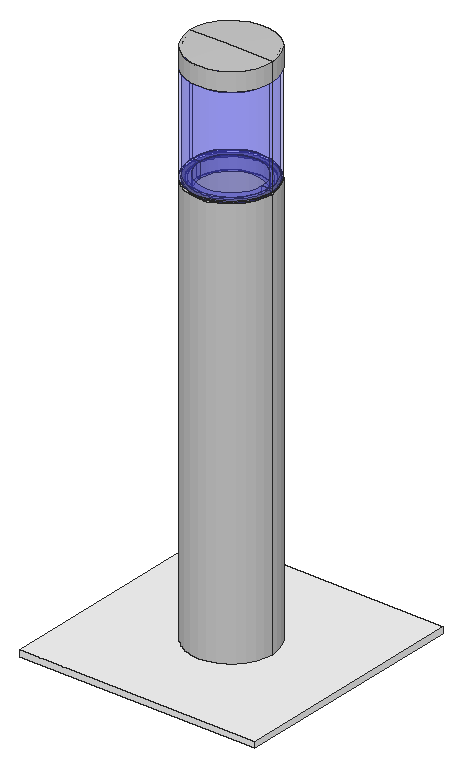
Revit family "BE_84418_de_DE", category Leuchten, Revit 2020
Family settings
  Basisbauteil = Fläche
  Bemaßung runder Anschluss = Durchmesser verwenden
  Teiletyp = Normal
  Beim Laden mit Abzugskörper schneiden = Ja
  Lichtquelle = Ja
  Gemeinsam genutzt = Nein
  Raumberechnungspunkt = Ja
Parameters (values of type "BEGA_84418_Silber_K4")
  built-in parameter 1150104 = 12.747 (stored number, unit not read)
  Wattage = 8.2 W
  Default Elevation = 0 mm
  built-in parameter 1150113 = 1 (stored number, unit not read)
  built-in parameter 1114218 = 1 (stored number, unit not read)
  Umgebungstemperatur = "25 °C"
  URL = "https://www.bega.com/de/produkt/84418"
  Typenkommentare = "© 2022 BEGA. Wir behalten uns das Recht vor, technische Änderungen ohne vorherige Ankündigung vorzunehmen."  # constant formula
  Type Image = 84418.png
  built-in parameter 1150134 = 12
  built-in parameter 1150109 = 1 (stored number, unit not read)
  Strom = ""
  built-in parameter 1150110 = 1 (stored number, unit not read)
  Spannung = 239.996 V
  Sonderanfertigung = no
  Seriennummer [instance] = "Hier können Sie die eindeutige Seriennummer für das Facility Management eintragen."
  Schutzklasse = "I"
  Schutzart = "IP 65"
  Scheinlast = 0 VA
  Produktdatenblatt = "https://cdn.bega.com/bega/products/84418AK4/current/documents/data-sheets/de"
  Oberflächentemperatur = ""
  Neigungswinkel = 0.00°
  Modell = "84418AK4"
  Material_18 = BEGA_Gummi_schwarz
  Material_17 = BEGA_Reflektor
  Material_15 = BEGA_Leuchtmedium_matt
  Material_11 = BEGA_Glas_opal
  Material_09 = BEGA_Glas_klar
  Material_08 = BEGA_Oberfläche_Stahl_verzinkt
  Material_06 = BEGA_Oberfläche_Edelstahl_gebürstet
  Material_03 = BEGA_Oberfläche_Weiss_matt
  Material_02 = BEGA_Oberfläche_Silber_matt
  Material_01 [instance] = BEGA_Oberfläche_Grafit_matt
  M_W = no
  M_G = no
  M_A = yes
  Logo = 0
  built-in parameter 1114217 = 1 (stored number, unit not read)
  built-in parameter 1150139 = (empty or 0)
  built-in parameter 1150105 = 89.534 (stored number, unit not read)
  built-in parameter 1150114 = 1 (stored number, unit not read)
  Lumens = 1125.12 lm
  built-in parameter 1150115 = 1 (stored number, unit not read)
  Leuchtenlichtstrom = "885 lm"
  Leuchtenanzahl = ""
  Lebensdauerkriterien = "L70B50 @ 25 °C = 200000 h"
  Lastklassifizierung = Beleuchtung
  built-in parameter 1150112 = 1 (stored number, unit not read)
  Lampenlichtstrom = "1415 lm"
  Lampe = "LED 8 W"
  LED_Modulbezeichnung = "LED-0292/840"
  built-in parameter 1150142 = (empty or 0)
  Hersteller = "BEGA"  # constant formula
  Halbstreuwinkel = ""
  Gewicht = "5.95 kg"
  Gebrauchslageneinschränkung [instance] = ""
  Frequenz = "0/50-60 Hz"
  Farbwiedergabeindex = "CRI > 80"
  Farbtemperaturverschiebung bei Dämpfen der Lampe = <Keine Auswahl>
  Farbtemperatur = "4000 K"
  Color Filter = 16777215
  built-in parameter 1150133 = 10 (stored number, unit not read)
  Energieeffizienzklasse = "LED A++ - A"
  built-in parameter 1150137 = (empty or 0)
  built-in parameter 1150132 = (empty or 0)
  ENEC = "ja"
  Dimmbar [instance] = "DALI"
  Datei für fotometrisches Netz = "BE_84418K4.IES"
  CE_Konformität = "ja"
  Bestellnummer = "84418AK4"
  Beschreibung_Sonderanfertigung = "Hier können Sie Informationen zur Sonderanfertigung eintragen."
  Beschreibung = "Garten- und Wegeleuchte"
  built-in parameter 1150106 = 0.89534 (stored number, unit not read)
  Befestigungsbohrung = "Ø 9 mm"
  Befestigungsabstand = ""
  Ballwurfsicher = ""
  BEGA_Intern_aus = yes
  BEGA_Intern_an = yes
  BEGA_Intern_Konstruktion = yes
  BEGA_Intern = yes
  BEGA_IES = yes
  BEGA_Dummy = no
  Anschlussleitung = ""
  Anschlussleistung [instance] = "9.8 W"
  built-in parameter 1150107 = 4000 (stored number, unit not read)
  built-in parameter 1150102 = (empty or 0)
  built-in parameter 1150138 = (empty or 0)
  Aktualisierung = "2022-05-19T04:00:07"
  Abstand_zur_angestrahlten_Fläche [instance] = ""
  AC/DC = "AC/DC"
Types (4, lengths in mm): name | built-in parameter 1150134 | Modell | M_G | M_A | Leuchtenlichtstrom | Lampenlichtstrom | LED_Modulbezeichnung | Farbtemperatur | Datei für fotometrisches Netz | Bestellnummer | built-in parameter 1150107
  BEGA_84418_Grafit_K3 | (empty or 0) | "84418K3" | yes | no | "873 lm" | "1395 lm" | "LED-0292/830" | "3000 K" | "BE_84418K3.IES" | "84418K3" | 3000 (stored number, unit not read)
  BEGA_84418_Silber_K4 | 12 | "84418AK4" | no | yes | "885 lm" | "1415 lm" | "LED-0292/840" | "4000 K" | "BE_84418K4.IES" | "84418AK4" | 4000 (stored number, unit not read)
  BEGA_84418_Grafit_K4 | 12 | "84418K4" | yes | no | "885 lm" | "1415 lm" | "LED-0292/840" | "4000 K" | "BE_84418K4.IES" | "84418K4" | 4000 (stored number, unit not read)
  BEGA_84418_Silber_K3 | (empty or 0) | "84418AK3" | no | yes | "873 lm" | "1395 lm" | "LED-0292/830" | "3000 K" | "BE_84418K3.IES" | "84418AK3" | 3000 (stored number, unit not read)
Reference planes
  plane 1 "Mitte (Vorne/Hinten)": y = 0
  plane 2: z = 0
  plane 3 "Mitte (Links/Rechts)": x = 0
  plane 4 "Links": x = -70
  plane 5 "Rechts": x = 70
  plane 6 "Unten": y = -70
  plane 7 "Oben": y = 70
  plane 8 "Vorne": z = 906.03
  plane 9 "Hinten": z = 0
Forms (mm)
  Extrusion 1, solid, material "BEGA_Platte_Weiss"
    sketch origin (0, -1119.2, 0) x (1, 0, 0) y (0, 1, 0)
      loop
        line (-200, 1319.2) -> (-200, 919.2) -> (200, 919.2) -> (200, 1319.2) -> (-200, 1319.2)
    from 0 to -10
  Extrusion 2, solid, material "BEGA_Dummy_matt", visible <- "BEGA_Dummy"
    sketch origin (77.149, -76.023, 0) x (1, 0, 0) y (0, 1, 0)
      loop
        circle (-77.149, 76.023) r 70
    from 0 to 906.03
Dimensions and locks
  plane 1 "Mitte (Vorne/Hinten)" to Extrusion 1 = 200 mm
  aligned and locked: plane 2 to Extrusion 1
  aligned and locked: level to Extrusion 1
Nested families
  nested 1: "84418" at (0, 0, 0), type "84418"
Connectors
  electrical at (0, 0, 0), driven by "Lastklassifizierung", driven by "Spannung", driven by "Scheinlast"
    settings: index 1, voltage 239.996 V, apparent load 0 VA, apparent load phase1 0 VA, apparent load phase2 0 VA, apparent load phase3 0 VA, power factor 1, load classification "Beleuchtung", number of poles 1, system type 31, power factor state 1, is connector primary yes, connector utility no, sub classification motor no, connector description ""
Definition of nested family "84418"
  Parameters (values of type "84418")
    Default Elevation = 1 mm
    URL = "http://www.bega.de/de/produkt"
    Type Comments = "© 2015 BEGA. Wir behalten uns das Recht vor, technische Änderungen ohne vorherige Ankündigung vorzunehmen. "  # constant formula
    Type Image = (empty or 0)
    Neigungswinkel_um_Z2 = 0.00°
    Neigungswinkel_um_Z1 = 0.00°
    Neigungswinkel_um_Y2 = 0.00°
    Neigungswinkel_um_Y1 = 0.00°
    Neigungswinkel_um_X2 = 0.00°
    Neigungswinkel_um_X1 = 0.00°
    Material_18 = none
    Material_17 = none
    Material_15 = none
    Material_11 = none
    Material_09 = none
    Material_08 = none
    Material_06 = none
    Material_02 = none
    Material_01 = none
    M_W = yes
    M_G = yes
    M_A = yes
    Länge_Platte = 200 mm  # constant formula
    Höhe_Platte = -10 mm  # constant formula
    Manufacturer = "BEGA"  # constant formula
    Drehwinkel_um_Z2 = 0.00°
    Drehwinkel_um_Z1 = 0.00°
    Breite_Platte = 200 mm  # constant formula
  Reference planes
    plane 1 "Mitte (Oben/Unten)": y = 0
    plane 2: z = 0
    plane 3 "Mitte (Links/Rechts)": x = 0
    plane 4 "Links": x = -70
    plane 5 "Rechts": x = 70
    plane 6 "Oben": y = 70
    plane 7 "Unten": y = -70
    plane 8: z = 906.03
    plane 9: z = 0
  Forms (mm)
    Extrusion 1, solid, detail levels medium
      sketch origin (0, 0, 0) x (1, 0, 0) y (0, 1, 0)
        loop
          line (-100, 100) -> (-100, -100) -> (100, -100) -> (100, 100) -> (-100, 100)
      from 0 to -10 <- "Höhe_Platte"
    Revolve 2, solid, material <- "Material_01", visible <- "M_G"
      sketch origin (0, 0, 0) x (1, 0, 0) y (0, 0, 1)
        loop
          line (-70, 702.4) -> (-70, 0) -> (-66.5, 0) -> (-66.5, 702.4) -> (-70, 702.4)
        axis (0, 702.4) -> (0, 0)
      angle from 0 to 360
    Revolve 3, solid, material <- "Material_18"
      sketch origin (0, 0, 0) x (1, 0, 0) y (0, 0, 1)
        loop
          circle (-64.557, 703.179) r 2.469
        axis (0, 703.179) -> (0, 702.179)
      angle from 0 to 360
    Revolve 4, solid, material <- "Material_11"
      sketch origin (0, 0, 0) x (1, 0, 0) y (0, 0, 1)
        loop
          line (0, 901.7) -> (-66.042, 901.7) -> (-66.989, 874.57) -> (-70, 874.57) -> (-70, 705.572) -> (-58, 705.572) -> (-58, 682.7) -> (-52.564, 682.7) -> (-52.564, 709.786) -> (-66, 709.786) -> (-66, 870.699) -> (-63.319, 870.699) -> (-62.377, 897.7) -> (0, 897.7) -> (0, 901.7)
        axis (0, 901.7) -> (0, 682.7)
      angle from 0 to 360
    Revolve 5, solid, material <- "Material_01", visible <- "M_G"
      sketch origin (0, 0, 0) x (1, 0, 0) y (0, 0, 1)
        loop
          line (-70, 874.57) -> (-67.405, 874.57) -> (-66.458, 902.16) -> (0, 903.396) -> (0, 906.002) -> (-70, 904.7) -> (-70, 874.57)
        axis (0, 906.002) -> (0, 874.57)
      angle from 0 to 360
    Revolve 6, solid, material <- "Material_08"
      sketch origin (0, 0, 0) x (1, 0, 0) y (0, 0, 1)
        loop
          line (-44.5, 120) -> (-44.5, 3) -> (-42.5, 3) -> (-42.5, 120) -> (-44.5, 120)
        axis (0, 120) -> (0, 3)
      angle from 0 to 360
    Revolve 7, solid, material <- "Material_02", visible <- "M_A"
      sketch origin (0, 0, 0) x (1, 0, 0) y (0, 0, 1)
        loop
          line (-70, 874.57) -> (-67.405, 874.57) -> (-66.458, 902.16) -> (0, 903.396) -> (0, 906.002) -> (-70, 904.7) -> (-70, 874.57)
        axis (0, 906.002) -> (0, 874.57)
      angle from 0 to 360
    Revolve 8, solid, material <- "Material_02", visible <- "M_A"
      sketch origin (0, 0, 0) x (1, 0, 0) y (0, 0, 1)
        loop
          line (-70, 702.4) -> (-70, 0) -> (-66.5, 0) -> (-66.5, 702.4) -> (-70, 702.4)
        axis (0, 702.4) -> (0, 0)
      angle from 0 to 360
    Extrusion 9, solid, material <- "Material_08"
      sketch origin (0, 0, 0) x (1, 0, 0) y (0, 1, 0)
        loop
          circle (0, 0) r 47.5
        loop
          arc (-28.146, 21.445) -> (-34.196, 19.771) -> (-32.686, 13.678) r 4.5
          line (-32.686, 13.678) -> (-30.399, 12.355)
          arc (-30.399, 12.355) -> (-24.249, 13.999) -> (-25.897, 20.148) r 4.5
          line (-25.897, 20.148) -> (-28.146, 21.445)
        loop
          arc (32.567, 13.607) -> (34.207, 19.751) -> (28.064, 21.399) r 4.5
          line (28.064, 21.399) -> (25.901, 20.15)
          arc (25.901, 20.15) -> (24.246, 14.005) -> (30.391, 12.35) r 4.5
          line (30.391, 12.35) -> (32.567, 13.607)
        loop
          arc (4.5, -32.5) -> (0, -28) -> (-4.5, -32.5) r 4.5
          line (-4.5, -32.5) -> (-4.5, -35)
          arc (-4.5, -35) -> (0, -39.5) -> (4.5, -35) r 4.5
          line (4.5, -35) -> (4.5, -32.5)
        loop
          arc (18.324, 18.338) -> (15.279, 28.853) -> (5.9, 34.499) r 15
          arc (5.9, 34.499) -> (-0.033, 35) -> (-5.964, 34.488) r 35
          arc (-5.964, 34.488) -> (-15.505, 28.551) -> (-18.245, 17.653) r 15
          arc (-18.245, 17.653) -> (-19.481, 11.258) -> (-24.393, 6.981) r 10
          arc (-24.393, 6.981) -> (-32.482, -0.857) -> (-32.836, -12.115) r 15
          arc (-32.836, -12.115) -> (-30.179, -17.727) -> (-26.571, -22.781) r 35
          arc (-26.571, -22.781) -> (-16.598, -27.744) -> (-5.951, -24.464) r 15.005
          arc (-5.951, -24.464) -> (0.125, -22.501) -> (6.151, -24.615) r 10
          arc (6.151, -24.615) -> (16.983, -27.702) -> (26.91, -22.38) r 15
          arc (26.91, -22.38) -> (29.901, -18.192) -> (32.245, -13.611) r 35
          arc (32.245, -13.611) -> (32.782, -1.623) -> (24.378, 6.942) r 15.041
          arc (24.378, 6.942) -> (19.278, 11.538) -> (18.324, 18.338) r 10.042
      from 0 to 3
  Cuts and joins
    joined: Revolve 6, Extrusion 9
  Dimensions and locks
    equal spacing: Extrusion 1 sketch curve, plane 3 "Mitte (Links/Rechts)", Extrusion 1 sketch curve
    equal spacing: Extrusion 1 sketch curve, plane 1 "Mitte (Oben/Unten)", Extrusion 1 sketch curve
    "Länge_Platte": Extrusion 1 sketch curve to Extrusion 1 sketch curve
    "Breite_Platte": Extrusion 1 sketch curve to Extrusion 1 sketch curve
    aligned and locked: plane 2 to Extrusion 1
    aligned and locked: level to Extrusion 1
  Automatic sketch dimensions
    Revolve 2 sketch curve to level = 0 mm
    Revolve 2 sketch curve to plane 3 "Mitte (Links/Rechts)" = 0 mm
    Revolve 2 sketch curve to plane 3 "Mitte (Links/Rechts)" = 66.5 mm
    Revolve 2 sketch curve to Revolve 2 sketch curve = 3.5 mm
    Revolve 2 sketch curve to Revolve 2 sketch curve = 3.886 mm
    Revolve 3 sketch curve to plane 3 "Mitte (Links/Rechts)" = 0 mm
    Revolve 3 sketch curve to plane 3 "Mitte (Links/Rechts)" = 64.557 mm
    Revolve 3 sketch curve to Revolve 3 sketch curve = 11.607 mm
    Revolve 3 sketch curve to Revolve 3 sketch curve = 17.911 mm
    Revolve 4 sketch curve to plane 3 "Mitte (Links/Rechts)" = 0 mm  (x2)
    Revolve 4 sketch curve to plane 3 "Mitte (Links/Rechts)" = 52.564 mm
    Revolve 4 sketch curve to Revolve 4 sketch curve = 5.436 mm
    Revolve 4 sketch curve to plane 3 "Mitte (Links/Rechts)" = 63.319 mm
    Revolve 4 sketch curve to Revolve 4 sketch curve = 2.681 mm
    Revolve 4 sketch curve to Revolve 4 sketch curve = 0.989 mm
    Revolve 4 sketch curve to Revolve 4 sketch curve = 4 mm  (x2)
    Revolve 4 sketch curve to Revolve 4 sketch curve = 22.872 mm
    Revolve 4 sketch curve to Revolve 4 sketch curve = 4.214 mm
    Revolve 4 sketch curve to Revolve 4 sketch curve = 160.914 mm
    Revolve 4 sketch curve to Revolve 4 sketch curve = 3.871 mm
    Revolve 4 sketch curve to Revolve 4 sketch curve = 27.001 mm
    Revolve 4 sketch curve to Revolve 4 sketch curve = 4.613 mm
    Revolve 4 sketch curve to Revolve 4 sketch curve = 3.665 mm
    Revolve 4 sketch curve to Revolve 4 sketch curve = 3.476 mm
    Revolve 4 sketch curve to Revolve 4 sketch curve = 2.524 mm
    Revolve 5 sketch curve to plane 3 "Mitte (Links/Rechts)" = 0 mm  (x2)
    Revolve 5 sketch curve to plane 3 "Mitte (Links/Rechts)" = 66.458 mm
    Revolve 5 sketch curve to Revolve 5 sketch curve = 0.946 mm
    Revolve 5 sketch curve to Revolve 5 sketch curve = 2.595 mm
    Revolve 5 sketch curve to Revolve 5 sketch curve = 27.589 mm
    Revolve 5 sketch curve to Revolve 5 sketch curve = 2.54 mm
    Revolve 5 sketch curve to Revolve 5 sketch curve = 1.236 mm
    Revolve 5 sketch curve to Revolve 5 sketch curve = 0 mm
    Revolve 5 sketch curve to Revolve 5 sketch curve = 2.606 mm
    Revolve 5 sketch curve to Revolve 5 sketch curve = 0.617 mm
    Revolve 2 sketch curve to Revolve 2 sketch curve = 702.4 mm
    level to Revolve 2 sketch curve = 249.238 mm
    level to Revolve 3 sketch curve = 703.179 mm
    level to Revolve 4 sketch curve = 682.7 mm
    level to Revolve 5 sketch curve = 874.57 mm
    Revolve 7 sketch curve to plane 4 "Links" = 0 mm
    Revolve 7 sketch curve to plane 3 "Mitte (Links/Rechts)" = 0 mm  (x2)
    Revolve 7 sketch curve to Revolve 7 sketch curve = 2.595 mm
    plane 4 "Links" to Revolve 7 sketch curve = 3.542 mm
    Revolve 7 sketch curve to plane 8 = 31.46 mm
    Revolve 7 sketch curve to plane 8 = 3.871 mm
    Revolve 7 sketch curve to plane 8 = 2.634 mm
    Revolve 7 sketch curve to plane 8 = 1.33 mm
    Revolve 7 sketch curve to plane 8 = 0.028 mm
    Revolve 7 sketch curve to Revolve 7 sketch curve = 0 mm
    plane 8 to Revolve 7 sketch curve = 0.589 mm
    Revolve 8 sketch curve to level = 0 mm
    Revolve 8 sketch curve to plane 4 "Links" = 0 mm
    Revolve 8 sketch curve to plane 3 "Mitte (Links/Rechts)" = 0 mm
    Revolve 8 sketch curve to Revolve 8 sketch curve = 3.5 mm
    Revolve 8 sketch curve to plane 8 = 203.63 mm
    level to Revolve 8 sketch curve = 249.238 mm
    Revolve 8 sketch curve to Revolve 8 sketch curve = 3.886 mm
    Revolve 6 sketch curve to plane 3 "Mitte (Links/Rechts)" = 0 mm
    plane 4 "Links" to Revolve 6 sketch curve = 27.5 mm
    Revolve 6 sketch curve to Revolve 6 sketch curve = 2 mm
    level to Revolve 6 sketch curve = 3 mm
    Revolve 6 sketch curve to Revolve 6 sketch curve = 117 mm
    plane 9 to Revolve 6 sketch curve = 0.009 mm
    Revolve 6 sketch curve to Revolve 6 sketch curve = 10 mm
    Extrusion 9 sketch curve to Extrusion 9 sketch curve = 0 mm  (x21)
    Extrusion 9 sketch curve to plane 3 "Mitte (Links/Rechts)" = 0 mm  (x2)
    Extrusion 9 sketch curve to plane 3 "Mitte (Links/Rechts)" = 3.387 mm
    Extrusion 9 sketch curve to Extrusion 9 sketch curve = 3.387 mm
    Extrusion 9 sketch curve to plane 1 "Mitte (Oben/Unten)" = 16.25 mm  (x2)
    Extrusion 9 sketch curve to Extrusion 9 sketch curve = 9.382 mm
    Extrusion 9 sketch curve to Extrusion 9 sketch curve = 2.165 mm  (x2)
    Extrusion 9 sketch curve to plane 1 "Mitte (Oben/Unten)" = 12.355 mm
    Extrusion 9 sketch curve to Extrusion 9 sketch curve = 2.253 mm
    Extrusion 9 sketch curve to plane 1 "Mitte (Oben/Unten)" = 13.678 mm
    Extrusion 9 sketch curve to Extrusion 9 sketch curve = 2.286 mm
    plane 3 "Mitte (Links/Rechts)" to Extrusion 9 sketch curve = 3.387 mm
    plane 3 "Mitte (Links/Rechts)" to Extrusion 9 sketch curve = 4.5 mm
    plane 3 "Mitte (Links/Rechts)" to Extrusion 9 sketch curve = 15.377 mm
    Extrusion 9 sketch curve to Extrusion 9 sketch curve = 3.358 mm
    Extrusion 9 sketch curve to Extrusion 9 sketch curve = 2.163 mm
    Extrusion 9 sketch curve to Extrusion 9 sketch curve = 2.244 mm
    plane 1 "Mitte (Oben/Unten)" to Extrusion 9 sketch curve = 6.923 mm
    plane 1 "Mitte (Oben/Unten)" to Extrusion 9 sketch curve = 7 mm
    Extrusion 9 sketch curve to Extrusion 9 sketch curve = 5.788 mm
    Extrusion 9 sketch curve to Extrusion 9 sketch curve = 5.866 mm
    Extrusion 9 sketch curve to Extrusion 9 sketch curve = 2.5 mm
    Extrusion 9 sketch curve to Extrusion 9 sketch curve = 1.25 mm  (x2)
    Extrusion 9 sketch curve to plane 1 "Mitte (Oben/Unten)" = 19.711 mm
    Extrusion 9 sketch curve to Extrusion 9 sketch curve = 3.9 mm
    Extrusion 9 sketch curve to Extrusion 9 sketch curve = 1.249 mm
    Extrusion 9 sketch curve to plane 3 "Mitte (Links/Rechts)" = 5.951 mm
    Extrusion 9 sketch curve to plane 3 "Mitte (Links/Rechts)" = 5.964 mm
    Extrusion 9 sketch curve to Extrusion 9 sketch curve = 9.901 mm
    Extrusion 9 sketch curve to Extrusion 9 sketch curve = 6.006 mm
    Extrusion 9 sketch curve to Extrusion 9 sketch curve = 11.194 mm
    Extrusion 9 sketch curve to Extrusion 9 sketch curve = 2.248 mm  (x2)
    Extrusion 9 sketch curve to plane 1 "Mitte (Oben/Unten)" = 20.148 mm
    Extrusion 9 sketch curve to plane 1 "Mitte (Oben/Unten)" = 21.445 mm
    Extrusion 9 sketch curve to Extrusion 9 sketch curve = 6.265 mm
    plane 3 "Mitte (Links/Rechts)" to Extrusion 9 sketch curve = 5.9 mm
    plane 3 "Mitte (Links/Rechts)" to Extrusion 9 sketch curve = 6.151 mm
    Extrusion 9 sketch curve to Extrusion 9 sketch curve = 7.578 mm
    Extrusion 9 sketch curve to plane 1 "Mitte (Oben/Unten)" = 6.942 mm
    Extrusion 9 sketch curve to Extrusion 9 sketch curve = 11.533 mm
    Extrusion 9 sketch curve to Extrusion 9 sketch curve = 2.245 mm
    Extrusion 9 sketch curve to plane 1 "Mitte (Oben/Unten)" = 12.35 mm
    Extrusion 9 sketch curve to Extrusion 9 sketch curve = 5.335 mm
    Extrusion 9 sketch curve to Extrusion 9 sketch curve = 2.176 mm
    Extrusion 9 sketch curve to plane 1 "Mitte (Oben/Unten)" = 13.607 mm
    plane 1 "Mitte (Oben/Unten)" to Extrusion 9 sketch curve = 12.115 mm
    plane 1 "Mitte (Oben/Unten)" to Extrusion 9 sketch curve = 0 mm
    radius of Revolve 3 sketch curve = 2.469 mm
    radius of Extrusion 9 sketch curve = 47.5 mm
